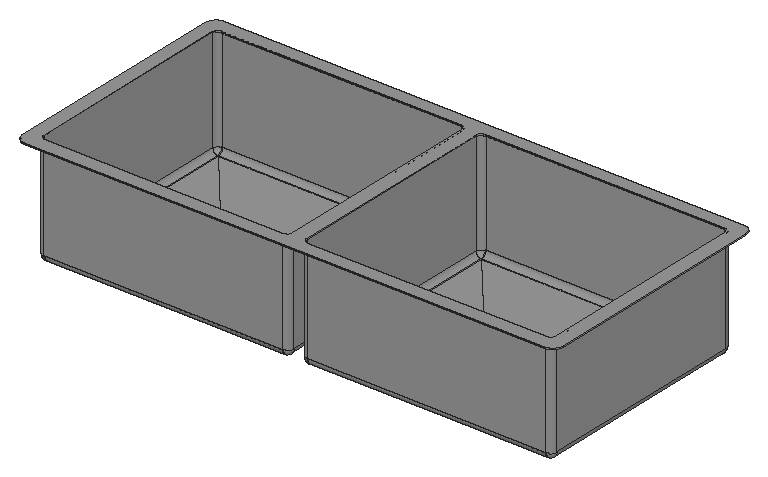
Revit family "BUILDMAT-SNA00016-Lucas-975-Stainless-Steel", category Plumbing Fixtures, host Face, Revit 2020
Family settings
  Host = Face
  Round Connector Dimension = Use Diameter
  Part Type = Normal
  Cut with Voids When Loaded = No
  Shared = No
  Room Calculation Point = No
Parameters (values of type "Lucas 975x450x250mm")
  Width 2 = 450.0 mm
  Width 1 = 450.0 mm
  Undermount [instance] = 20.0 mm
  URL = "https://www.buildmat.com.au/products/lucas-975x450-double-bowl-sink"
  Sound Pad 2 = yes
  Sound Pad 1 = yes
  Model = "SNA00016"  # constant formula
  Manufacturer URL = "https://www.buildmat.com.au/"
  Manufacturer = "BUILDMAT"  # constant formula
  Length = 400.0 mm
  Gap = 25.0 mm
  Drain Sound Pad 2 = yes
  Drain Sound Pad 1 = yes
  Description = "BUILDMAT - Lucas 975x450 Double Bowl Sink"  # constant formula
  Depth = 205.0 mm
  Default Elevation = 1200.0 mm
  D. S. Pad 2 = 230.0 mm
  D. S. Pad 1 = 230.0 mm
  D. Bracket 4 = 100.0 mm
  D. Bracket 3 = 100.0 mm
  D. Bracket 2 = 100.0 mm
  D. Bracket 1 = 100.0 mm
  Created By URL = "https://www.buildmat.com.au/"
  Created By = "BUILDMAT"  # constant formula
  Created = "22.06.2022"  # constant formula
  Bracket 4 = yes
  Bracket 3 = yes
  Bracket 2 = yes
  Bracket 1 = yes
  Material = BUILDMAT Stainless Steel
Reference planes
  plane 1 "Center (Front/Back)": y = 0
  plane 2: z = 0
  plane 3 "Center (Left/Right)": x = 0
  plane 4: x = -12.5
  plane 5: x = 12.5
  plane 6: x = -462.5
  plane 7: x = 462.5
  plane 8: y = -200
  plane 9: y = 200
  plane 10: x = -487.5
  plane 11: x = 487.5
  plane 12: y = -225
  plane 13: y = 225
  plane 14: x = 237.5
  plane 15: x = -237.5
  plane 16: y = 190
  plane 17: y = -190
  plane 18: x = -452.5
  plane 19: x = -22.5
  plane 20: x = 22.5
  plane 21: x = 452.5
  plane 22: y = 201.5
  plane 23: y = -201.5
  plane 24: x = -464
  plane 25: x = -11
  plane 26: x = 11
  plane 27: x = 464
  plane 28: x = -294.5
  plane 29: x = -180.5
  plane 30: x = -192.5
  plane 31: x = -282.5
  plane 32: x = 180.5
  plane 33: x = 192.5
  plane 34: x = 282.5
  plane 35: x = 294.5
  plane 36 "Sound Pad 1": x = -232.5
  plane 37 "Sound Pad 2": x = 232.5
  plane 38 "Top Substrate": z = -20
  plane 39: z = -18.5
  plane 40 "Bottom Void": z = -225
  plane 41: z = -215
  plane 42: z = -205
  plane 43: z = -220
  plane 44: z = -221.481
  plane 45: z = -216.5
  plane 46 "Sound Pad": z = -125
  plane 47 "Bracket 1": x = -362.5
  plane 48 "Bracket 2": x = -112.5
  plane 49 "Bracket 3": x = 112.5
  plane 50 "Bracket 4": x = 362.5
  plane 51: y = 100
  plane 52: y = -100
  plane 53: x = -337.5
  plane 54: x = -137.5
  plane 55: x = 137.5
  plane 56: x = 337.5
  plane 57: z = -185
  plane 58: z = -165
Forms (mm)
  Extrusion 1, void
    sketch origin (0, 0, 0) x (1, 0, 0) y (0, 1, 0)
      loop
        arc (-452.5, 200) -> (-459.571, 197.071) -> (-462.5, 190) r 10
        line (-462.5, 190) -> (-462.5, -190)
        arc (-462.5, -190) -> (-459.571, -197.071) -> (-452.5, -200) r 10
        line (-452.5, -200) -> (452.5, -200)
        arc (452.5, -200) -> (459.571, -197.071) -> (462.5, -190) r 10
        line (462.5, -190) -> (462.5, 190)
        arc (462.5, 190) -> (459.571, 197.071) -> (452.5, 200) r 10
        line (452.5, 200) -> (-452.5, 200)
    from 0 to -18.5
  Extrusion 2, void
    sketch origin (0, 0, 0) x (1, 0, 0) y (0, 1, 0)
      loop
        arc (-467.5, 225) -> (-481.642, 219.142) -> (-487.5, 205) r 20
        line (-487.5, 205) -> (-487.5, -205)
        arc (-487.5, -205) -> (-481.642, -219.142) -> (-467.5, -225) r 20
        line (-467.5, -225) -> (467.5, -225)
        arc (467.5, -225) -> (481.642, -219.142) -> (487.5, -205) r 20
        line (487.5, -205) -> (487.5, 205)
        arc (487.5, 205) -> (481.642, 219.142) -> (467.5, 225) r 20
        line (467.5, 225) -> (-467.5, 225)
    from -20 to -18.5
  Extrusion 3, void
    sketch origin (0, 0, 0) x (1, 0, 0) y (0, 1, 0)
      loop
        line (-464, 201.5) -> (-464, -201.5) -> (464, -201.5) -> (464, 201.5) -> (-464, 201.5)
    from -225 to -20
  Extrusion 4, solid, material "BUILDMAT Stainless Steel" <- "Material"
    sketch origin (0, 0, -20) x (-1, 0, 0) y (0, -1, 0)
      loop
        arc (467.5, -225) -> (481.642, -219.142) -> (487.5, -205) r 20
        line (487.5, -205) -> (487.5, 205)
        arc (487.5, 205) -> (481.642, 219.142) -> (467.5, 225) r 20
        line (467.5, 225) -> (-467.5, 225)
        arc (-467.5, 225) -> (-481.642, 219.142) -> (-487.5, 205) r 20
        line (-487.5, 205) -> (-487.5, -205)
        arc (-487.5, -205) -> (-481.642, -219.142) -> (-467.5, -225) r 20
        line (-467.5, -225) -> (467.5, -225)
      loop
        arc (452.5, -200) -> (459.571, -197.071) -> (462.5, -190) r 10
        line (462.5, -190) -> (462.5, 190)
        arc (462.5, 190) -> (459.571, 197.071) -> (452.5, 200) r 10
        line (452.5, 200) -> (22.5, 200)
        arc (22.5, 200) -> (15.429, 197.071) -> (12.5, 190) r 10
        line (12.5, 190) -> (12.5, -190)
        arc (12.5, -190) -> (15.429, -197.071) -> (22.5, -200) r 10
        line (22.5, -200) -> (452.5, -200)
      loop
        line (-12.5, -190) -> (-12.5, 190)
        arc (-12.5, 190) -> (-15.429, 197.071) -> (-22.5, 200) r 10
        line (-22.5, 200) -> (-452.5, 200)
        arc (-452.5, 200) -> (-459.571, 197.071) -> (-462.5, 190) r 10
        line (-462.5, 190) -> (-462.5, -190)
        arc (-462.5, -190) -> (-459.571, -197.071) -> (-452.5, -200) r 10
        line (-452.5, -200) -> (-22.5, -200)
        arc (-22.5, -200) -> (-15.429, -197.071) -> (-12.5, -190) r 10
    from 0 to 1.5
  Extrusion 5, solid, material "BUILDMAT Stainless Steel" <- "Material"
    sketch origin (0, 0, -20) x (-1, 0, 0) y (0, -1, 0)
      loop
        arc (452.5, -200) -> (459.571, -197.071) -> (462.5, -190) r 10
        line (462.5, -190) -> (462.5, 190)
        arc (462.5, 190) -> (459.571, 197.071) -> (452.5, 200) r 10
        line (452.5, 200) -> (22.5, 200)
        arc (22.5, 200) -> (15.429, 197.071) -> (12.5, 190) r 10
        line (12.5, 190) -> (12.5, -190)
        arc (12.5, -190) -> (15.429, -197.071) -> (22.5, -200) r 10
        line (22.5, -200) -> (452.5, -200)
      loop
        arc (452.5, -201.5) -> (460.632, -198.132) -> (464, -190) r 11.5
        line (464, -190) -> (464, 190)
        arc (464, 190) -> (460.632, 198.132) -> (452.5, 201.5) r 11.5
        line (452.5, 201.5) -> (22.5, 201.5)
        arc (22.5, 201.5) -> (14.368, 198.132) -> (11, 190) r 11.5
        line (11, 190) -> (11, -190)
        arc (11, -190) -> (14.368, -198.132) -> (22.5, -201.5) r 11.5
        line (22.5, -201.5) -> (452.5, -201.5)
    from 0 to -185
  Extrusion 6, solid, material "BUILDMAT Stainless Steel" <- "Material"
    sketch origin (0, 0, -20) x (-1, 0, 0) y (0, -1, 0)
      loop
        arc (-22.5, -200) -> (-15.429, -197.071) -> (-12.5, -190) r 10
        line (-12.5, -190) -> (-12.5, 190)
        arc (-12.5, 190) -> (-15.429, 197.071) -> (-22.5, 200) r 10
        line (-22.5, 200) -> (-452.5, 200)
        arc (-452.5, 200) -> (-459.571, 197.071) -> (-462.5, 190) r 10
        line (-462.5, 190) -> (-462.5, -190)
        arc (-462.5, -190) -> (-459.571, -197.071) -> (-452.5, -200) r 10
        line (-452.5, -200) -> (-22.5, -200)
      loop
        line (-11, -190) -> (-11, 190)
        arc (-11, 190) -> (-14.368, 198.132) -> (-22.5, 201.5) r 11.5
        line (-22.5, 201.5) -> (-452.5, 201.5)
        arc (-452.5, 201.5) -> (-460.632, 198.132) -> (-464, 190) r 11.5
        line (-464, 190) -> (-464, -190)
        arc (-464, -190) -> (-460.632, -198.132) -> (-452.5, -201.5) r 11.5
        line (-452.5, -201.5) -> (-22.5, -201.5)
        arc (-22.5, -201.5) -> (-14.368, -198.132) -> (-11, -190) r 11.5
    from 0 to -185
  Extrusion 7, solid, material "BUILDMAT Stainless Steel" <- "Material"
    sketch origin (0, 0, 0) x (1, 0, 0) y (0, 0, 1)
      loop
        line (-462.5, -205) -> (-464, -205)
        arc (-464, -205) -> (-460.632, -213.132) -> (-452.5, -216.5) r 11.5
        line (-452.5, -216.5) -> (-452.5, -215)
        arc (-452.5, -215) -> (-459.571, -212.071) -> (-462.5, -205) r 10
    from -190 to 190
  Extrusion 8, solid, material "BUILDMAT Stainless Steel" <- "Material"
    sketch origin (0, 0, 0) x (1, 0, 0) y (0, 0, 1)
      loop
        arc (-12.5, -205) -> (-15.429, -212.071) -> (-22.5, -215) r 10
        line (-22.5, -215) -> (-22.5, -216.5)
        arc (-22.5, -216.5) -> (-14.368, -213.132) -> (-11, -205) r 11.5
        line (-11, -205) -> (-12.5, -205)
    from -190 to 190
  Extrusion 9, solid, material "BUILDMAT Stainless Steel" <- "Material"
    sketch origin (0, 0, 0) x (1, 0, 0) y (0, 0, 1)
      loop
        line (12.5, -205) -> (11, -205)
        arc (11, -205) -> (14.368, -213.132) -> (22.5, -216.5) r 11.5
        line (22.5, -216.5) -> (22.5, -215)
        arc (22.5, -215) -> (15.429, -212.071) -> (12.5, -205) r 10
    from -190 to 190
  Extrusion 10, solid, material "BUILDMAT Stainless Steel" <- "Material"
    sketch origin (0, 0, 0) x (1, 0, 0) y (0, 0, 1)
      loop
        arc (462.5, -205) -> (459.571, -212.071) -> (452.5, -215) r 10
        line (452.5, -215) -> (452.5, -216.5)
        arc (452.5, -216.5) -> (460.632, -213.132) -> (464, -205) r 11.5
        line (464, -205) -> (462.5, -205)
    from -190 to 190
  Extrusion 11, solid, material "BUILDMAT Stainless Steel" <- "Material"
    sketch origin (0, 0, 0) x (0, 1, 0) y (0, 0, 1)
      loop
        line (201.5, -205) -> (200, -205)
        arc (200, -205) -> (197.071, -212.071) -> (190, -215) r 10
        line (190, -215) -> (190, -216.5)
        arc (190, -216.5) -> (198.132, -213.132) -> (201.5, -205) r 11.5
    from 22.5 to 452.5
  Extrusion 12, solid, material "BUILDMAT Stainless Steel" <- "Material"
    sketch origin (0, 0, 0) x (0, 1, 0) y (0, 0, 1)
      loop
        line (-200, -205) -> (-201.5, -205)
        arc (-201.5, -205) -> (-198.132, -213.132) -> (-190, -216.5) r 11.5
        line (-190, -216.5) -> (-190, -215)
        arc (-190, -215) -> (-197.071, -212.071) -> (-200, -205) r 10
    from 22.5 to 452.5
  Extrusion 13, solid, material "BUILDMAT Stainless Steel" <- "Material"
    sketch origin (0, 0, 0) x (0, 1, 0) y (0, 0, 1)
      loop
        arc (200, -205) -> (197.071, -212.071) -> (190, -215) r 10
        line (190, -215) -> (190, -216.5)
        arc (190, -216.5) -> (198.132, -213.132) -> (201.5, -205) r 11.5
        line (201.5, -205) -> (200, -205)
    from -452.5 to -22.5
  Extrusion 14, solid, material "BUILDMAT Stainless Steel" <- "Material"
    sketch origin (0, 0, 0) x (0, 1, 0) y (0, 0, 1)
      loop
        line (-200, -205) -> (-201.5, -205)
        arc (-201.5, -205) -> (-198.132, -213.132) -> (-190, -216.5) r 11.5
        line (-190, -216.5) -> (-190, -215)
        arc (-190, -215) -> (-197.071, -212.071) -> (-200, -205) r 10
    from -452.5 to -22.5
  Revolve 15, solid, material "BUILDMAT Stainless Steel" <- "Material"
    sketch origin (-423.435, 190, 4000) x (-1, 0, 0) y (0, 0, 1)
      loop
        arc (39.065, -4205) -> (36.136, -4212.071) -> (29.065, -4215) r 10
        line (29.065, -4215) -> (29.065, -4216.5)
        arc (29.065, -4216.5) -> (37.196, -4213.132) -> (40.565, -4205) r 11.5
        line (40.565, -4205) -> (39.065, -4205)
      axis (29.065, -4205) -> (29.065, -4216.5)
    angle from -90 to 0
  Revolve 16, solid, material "BUILDMAT Stainless Steel" <- "Material"
    sketch origin (-423.435, 190, 4000) x (-1, 0, 0) y (0, 0, 1)
      loop
        line (-410.935, -4205) -> (-412.435, -4205)
        arc (-412.435, -4205) -> (-409.067, -4213.132) -> (-400.935, -4216.5) r 11.5
        line (-400.935, -4216.5) -> (-400.935, -4215)
        arc (-400.935, -4215) -> (-408.006, -4212.071) -> (-410.935, -4205) r 10
      axis (-400.935, -4205) -> (-400.935, -4216.5)
    angle from -90 to 0
  Revolve 17, solid, material "BUILDMAT Stainless Steel" <- "Material"
    sketch origin (-423.435, 190, 4000) x (-1, 0, 0) y (0, 0, 1)
      loop
        arc (-435.935, -4205) -> (-438.864, -4212.071) -> (-445.935, -4215) r 10
        line (-445.935, -4215) -> (-445.935, -4216.5)
        arc (-445.935, -4216.5) -> (-437.804, -4213.132) -> (-434.435, -4205) r 11.5
        line (-434.435, -4205) -> (-435.935, -4205)
      axis (-445.935, -4205) -> (-445.935, -4216.5)
    angle from -90 to 0
  Revolve 18, solid, material "BUILDMAT Stainless Steel" <- "Material"
    sketch origin (-423.435, 190, 4000) x (-1, 0, 0) y (0, 0, 1)
      loop
        line (-885.935, -4205) -> (-887.435, -4205)
        arc (-887.435, -4205) -> (-884.067, -4213.132) -> (-875.935, -4216.5) r 11.5
        line (-875.935, -4216.5) -> (-875.935, -4215)
        arc (-875.935, -4215) -> (-883.006, -4212.071) -> (-885.935, -4205) r 10
      axis (-875.935, -4205) -> (-875.935, -4216.5)
    angle from -90 to 0
  Revolve 19, solid, material "BUILDMAT Stainless Steel" <- "Material"
    sketch origin (-423.435, -190, 4000) x (-1, 0, 0) y (0, 0, 1)
      loop
        arc (39.065, -4205) -> (36.136, -4212.071) -> (29.065, -4215) r 10
        line (29.065, -4215) -> (29.065, -4216.5)
        arc (29.065, -4216.5) -> (37.196, -4213.132) -> (40.565, -4205) r 11.5
        line (40.565, -4205) -> (39.065, -4205)
      axis (29.065, -4205) -> (29.065, -4216.5)
    angle from 0 to 90
  Revolve 20, solid, material "BUILDMAT Stainless Steel" <- "Material"
    sketch origin (-423.435, -190, 4000) x (-1, 0, 0) y (0, 0, 1)
      loop
        arc (-412.435, -4205) -> (-409.067, -4213.132) -> (-400.935, -4216.5) r 11.5
        line (-400.935, -4216.5) -> (-400.935, -4215)
        arc (-400.935, -4215) -> (-408.006, -4212.071) -> (-410.935, -4205) r 10
        line (-410.935, -4205) -> (-412.435, -4205)
      axis (-400.935, -4205) -> (-400.935, -4216.5)
    angle from 0 to 90
  Revolve 21, solid, material "BUILDMAT Stainless Steel" <- "Material"
    sketch origin (-423.435, -190, 4000) x (-1, 0, 0) y (0, 0, 1)
      loop
        line (-434.435, -4205) -> (-435.935, -4205)
        arc (-435.935, -4205) -> (-438.864, -4212.071) -> (-445.935, -4215) r 10
        line (-445.935, -4215) -> (-445.935, -4216.5)
        arc (-445.935, -4216.5) -> (-437.804, -4213.132) -> (-434.435, -4205) r 11.5
      axis (-445.935, -4205) -> (-445.935, -4216.5)
    angle from 0 to 90
  Revolve 22, solid, material "BUILDMAT Stainless Steel" <- "Material"
    sketch origin (-423.435, -190, 4000) x (-1, 0, 0) y (0, 0, 1)
      loop
        arc (-887.435, -4205) -> (-884.067, -4213.132) -> (-875.935, -4216.5) r 11.5
        line (-875.935, -4216.5) -> (-875.935, -4215)
        arc (-875.935, -4215) -> (-883.006, -4212.071) -> (-885.935, -4205) r 10
        line (-885.935, -4205) -> (-887.435, -4205)
      axis (-875.935, -4205) -> (-875.935, -4216.5)
    angle from 0 to 90
  Extrusion 23, solid, material "BUILDMAT Stainless Steel" <- "Material"
    sketch origin (0, 0, -20) x (-1, 0, 0) y (0, -1, 0)
      loop
        line (22.5, -190) -> (452.5, -190) -> (452.5, 190) -> (22.5, 190) -> (22.5, -190)
    from -196.5 to -195
  Extrusion 24, solid, material "BUILDMAT Stainless Steel" <- "Material"
    sketch origin (0, 0, -20) x (-1, 0, 0) y (0, -1, 0)
      loop
        line (-22.5, -190) -> (-22.5, 190) -> (-452.5, 190) -> (-452.5, -190) -> (-22.5, -190)
    from -196.5 to -195
  Blend 25, solid, material "BUILDMAT Stainless Steel" <- "Material"
    base sketch origin (0, 0, -20) x (-1, 0, 0) y (0, -1, 0)
      loop
        circle (237.5, 0) r 57
    top sketch origin (0, 0, -20) x (-1, 0, 0) y (0, -1, 0)
      loop
        line (452.5, -190) -> (452.5, 190) -> (22.5, 190) -> (22.5, -190) -> (452.5, -190)
    from -201.481 to -196.5
  Blend 26, solid, material "BUILDMAT Stainless Steel" <- "Material"
    base sketch origin (0, 0, -20) x (-1, 0, 0) y (0, -1, 0)
      loop
        circle (-237.5, 0) r 57
    top sketch origin (0, 0, -20) x (-1, 0, 0) y (0, -1, 0)
      loop
        line (-22.5, -190) -> (-22.5, 190) -> (-452.5, 190) -> (-452.5, -190) -> (-22.5, -190)
    from -201.481 to -196.5
  Blend 27, void
    base sketch origin (0, 0, -20) x (-1, 0, 0) y (0, -1, 0)
      loop
        circle (237.5, 0) r 57
    top sketch origin (0, 0, -20) x (-1, 0, 0) y (0, -1, 0)
      loop
        line (452.5, -190) -> (452.5, 190) -> (22.5, 190) -> (22.5, -190) -> (452.5, -190)
    from -200 to -195
  Blend 28, void
    base sketch origin (0, 0, -20) x (-1, 0, 0) y (0, -1, 0)
      loop
        circle (-237.5, 0) r 57
    top sketch origin (0, 0, -20) x (-1, 0, 0) y (0, -1, 0)
      loop
        line (-22.5, -190) -> (-22.5, 190) -> (-452.5, 190) -> (-452.5, -190) -> (-22.5, -190)
    from -200 to -195
  Extrusion 29, void
    sketch origin (0, 0, -225) x (-1, 0, 0) y (0, -1, 0)
      loop
        circle (237.5, 0) r 57
    from 0 to 5
  Extrusion 30, void
    sketch origin (0, 0, -225) x (-1, 0, 0) y (0, -1, 0)
      loop
        circle (-237.5, 0) r 57
    from 0 to 5
  Revolve 31, solid, material "BUILDMAT Stainless Steel" <- "Material"
    sketch origin (0, 0, 0) x (1, 0, 0) y (0, 0, 1)
      loop
        spline (-294.5, -220) -> (-294.397, -220.653) -> (-294.091, -221.294) -> (-293.587, -221.913) -> (-292.892, -222.5) -> (-292.02, -223.044) -> (-290.985, -223.536) -> (-289.805, -223.967) -> (-288.5, -224.33) -> (-287.092, -224.619) -> (-285.606, -224.83) -> (-284.066, -224.957) -> (-282.5, -225)
        line (-282.5, -225) -> (-282.5, -223.5)
        spline (-282.5, -223.5) -> (-283.871, -223.47) -> (-285.218, -223.381) -> (-286.518, -223.234) -> (-287.75, -223.031) -> (-288.892, -222.777) -> (-289.925, -222.475) -> (-290.83, -222.131) -> (-291.593, -221.75) -> (-292.201, -221.339) -> (-292.642, -220.906) -> (-292.91, -220.457) -> (-293, -220)
        line (-293, -220) -> (-294.5, -220)
      axis (-237.5, -225) -> (-237.5, -220)
    angle from 0 to 360
  Revolve 32, solid, material "BUILDMAT Stainless Steel" <- "Material"
    sketch origin (0, 0, 0) x (1, 0, 0) y (0, 0, 1)
      loop
        line (294.5, -220) -> (293, -220)
        spline (293, -220) -> (292.91, -220.457) -> (292.642, -220.906) -> (292.201, -221.339) -> (291.593, -221.75) -> (290.83, -222.131) -> (289.925, -222.475) -> (288.892, -222.777) -> (287.75, -223.031) -> (286.518, -223.234) -> (285.218, -223.381) -> (283.871, -223.47) -> (282.5, -223.5)
        line (282.5, -223.5) -> (282.5, -225)
        spline (282.5, -225) -> (284.066, -224.957) -> (285.606, -224.83) -> (287.092, -224.619) -> (288.5, -224.33) -> (289.805, -223.967) -> (290.985, -223.536) -> (292.02, -223.044) -> (292.892, -222.5) -> (293.587, -221.913) -> (294.091, -221.294) -> (294.397, -220.653) -> (294.5, -220)
      axis (237.5, -220) -> (237.5, -225)
    angle from 0 to 360
Cuts and joins
  Blend 27, Extrusion 29 cuts Extrusion 23
  Blend 27, Extrusion 29 cuts Blend 25
  joined: Extrusion 23, Blend 25
  Blend 28, Extrusion 30 cuts Extrusion 24
  Blend 28, Extrusion 30 cuts Blend 26
  joined: Extrusion 24, Blend 26
Lines and regions (mm)
  Masking region 1
    outline origin (0, 0, 0) x (1, 0, 0) y (0, 0, 1)
      loop
        line (-462.5, -20) -> (-462.5, -205)
        arc (-462.5, -205) -> (-459.791, -211.844) -> (-453.132, -214.98) r 10
        line (-453.132, -214.98) -> (-294.5, -220) -> (-180.5, -220) -> (-22.5, -215)
        arc (-22.5, -215) -> (-15.429, -212.071) -> (-12.5, -205) r 10
        line (-12.5, -205) -> (-12.5, -20) -> (-462.5, -20)
  Masking region 2
    outline origin (0, 0, 0) x (1, 0, 0) y (0, 0, 1)
      loop
        line (12.5, -20) -> (12.5, -205)
        arc (12.5, -205) -> (15.209, -211.844) -> (21.868, -214.98) r 10
        line (21.868, -214.98) -> (180.5, -220) -> (294.5, -220) -> (452.5, -215)
        arc (452.5, -215) -> (459.571, -212.071) -> (462.5, -205) r 10
        line (462.5, -205) -> (462.5, -20) -> (12.5, -20)
  Masking region 3, visible <- "Drain Sound Pad 1"
    outline origin (0, 0, 0) x (1, 0, 0) y (0, 0, 1)
      loop
        line (-294.5, -221.481) -> (-337.5, -220.126) -> (-337.5, -225) -> (-294.5, -225) -> (-294.5, -221.481)
  Masking region 4, visible <- "Drain Sound Pad 1"
    outline origin (0, 0, 0) x (1, 0, 0) y (0, 0, 1)
      loop
        line (-180.5, -221.481) -> (-180.5, -225) -> (-137.5, -225) -> (-137.5, -220.126) -> (-180.5, -221.481)
  Masking region 5, visible <- "Drain Sound Pad 2"
    outline origin (0, 0, 0) x (1, 0, 0) y (0, 0, 1)
      loop
        line (137.5, -220.126) -> (137.5, -225) -> (180.5, -225) -> (180.5, -221.481) -> (137.5, -220.126)
  Masking region 6, visible <- "Drain Sound Pad 2"
    outline origin (0, 0, 0) x (1, 0, 0) y (0, 0, 1)
      loop
        line (337.5, -220.126) -> (294.5, -221.481) -> (294.5, -225) -> (337.5, -225) -> (337.5, -220.126)
  Masking region 7
    outline origin (0, 0, 0) x (1, 0, 0) y (0, 0, 1)
      loop
        line (-11, -165) -> (-11, -185) -> (11, -185) -> (11, -165) -> (-11, -165)
Text (mm)
  text "Refer to www.buildmat.com.au for the most current product literature. \nAllow a +/- 5mm tolerance for dimensions shown in the product literature. \nPlease note product details are subject to change due to ongoing product development." at (0.056, -1035.857, 0), in view "Ref. Level"
Dimensions and locks
  equal spacing: plane 4, plane 3 "Center (Left/Right)", plane 5
  "Gap": plane 4 to plane 5
  "Width 1": plane 6 to plane 4
  "Width 2": plane 5 to plane 7
  equal spacing: plane 9, plane 1 "Center (Front/Back)", plane 8
  "Length": plane 8 to plane 9
  locked: plane 10 to plane 6 at 25
  locked: plane 7 to plane 11 at 25
  locked: plane 13 to plane 9 at 25
  locked: plane 8 to plane 12 at 25
  equal spacing: plane 5, plane 14, plane 7
  equal spacing: plane 6, plane 15, plane 4
  locked: plane 9 to plane 16 at 10
  locked: plane 17 to plane 8 at 10
  locked: plane 6 to plane 18 at 10
  locked: plane 19 to plane 4 at 10
  locked: plane 5 to plane 20 at 10
  locked: plane 21 to plane 7 at 10
  locked: plane 8 to plane 23 at 1.5
  locked: plane 22 to plane 9 at 1.5
  locked: plane 24 to plane 6 at 1.5
  locked: plane 4 to plane 25 at 1.5
  locked: plane 26 to plane 5 at 1.5
  locked: plane 7 to plane 27 at 1.5
  plane 28 to plane 15 to plane 29 = 57.0 mm locked, 57.0 mm locked
  plane 31 to plane 15 to plane 30 = 45.0 mm locked, 45.0 mm locked
  plane 32 to plane 14 to plane 35 = 57.0 mm locked, 57.0 mm locked
  plane 33 to plane 14 to plane 34 = 45.0 mm locked, 45.0 mm locked
  locked: plane 39 to plane 38 "Top Substrate" at 1.5
  plane 42 to plane 41 to plane 40 "Bottom Void" = 10.0 mm locked, 10.0 mm locked
  locked: plane 43 to plane 40 "Bottom Void" at 5
  locked: plane 43 to plane 44 at 1.481
  locked: plane 41 to plane 45 at 1.5
  locked: plane 46 "Sound Pad" to plane 40 "Bottom Void" at 100
  "Depth": plane 38 "Top Substrate" to plane 40 "Bottom Void"
  "Undermount": plane 2 to plane 38 "Top Substrate"
  "D. S. Pad 1": plane 36 "Sound Pad 1" to plane 6
  "D. S. Pad 2": plane 7 to plane 37 "Sound Pad 2"
  "D. Bracket 1": plane 47 "Bracket 1" to plane 6
  "D. Bracket 2": plane 4 to plane 48 "Bracket 2"
  "D. Bracket 3": plane 49 "Bracket 3" to plane 5
  "D. Bracket 4": plane 7 to plane 50 "Bracket 4"
  locked: plane 9 to plane 51 at 100
  locked: plane 52 to plane 8 at 100
  plane 54 to plane 15 to plane 53 = 100.0 mm locked, 100.0 mm locked
  plane 56 to plane 14 to plane 55 = 100.0 mm locked, 100.0 mm locked
  plane 58 to plane 57 to plane 42 = 20.0 mm locked, 20.0 mm locked
  aligned and locked: plane 2 to host face
  aligned and locked: level to host face
  aligned and locked: Extrusion 1 sketch curve to plane 9
  aligned and locked: Extrusion 1 sketch curve to plane 6
  aligned and locked: Extrusion 1 sketch curve to plane 7
  aligned and locked: Extrusion 1 sketch curve to plane 8
  aligned and locked: Extrusion 1 to level
  aligned and locked: Extrusion 1 to plane 39
  aligned and locked: Extrusion 2 sketch curve to plane 13
  aligned and locked: Extrusion 2 sketch curve to plane 10
  aligned and locked: Extrusion 2 sketch curve to plane 11
  aligned and locked: Extrusion 2 sketch curve to plane 12
  aligned and locked: Extrusion 2 to plane 38 "Top Substrate"
  aligned and locked: Extrusion 2 to plane 39
  aligned and locked: Extrusion 3 sketch curve to plane 22
  aligned and locked: Extrusion 3 sketch curve to plane 24
  aligned and locked: Extrusion 3 sketch curve to plane 27
  aligned and locked: Extrusion 3 sketch curve to plane 23
  aligned and locked: Extrusion 3 to plane 40 "Bottom Void"
  aligned and locked: Extrusion 3 to plane 38 "Top Substrate"
  aligned and locked: Extrusion 4 sketch curve to plane 13
  aligned and locked: Extrusion 4 sketch curve to plane 10
  aligned and locked: Extrusion 4 sketch curve to plane 11
  aligned and locked: Extrusion 4 sketch curve to plane 12
  aligned and locked: Extrusion 4 sketch curve to plane 9  (x2)
  aligned and locked: Extrusion 4 sketch curve to plane 6
  aligned and locked: Extrusion 4 sketch curve to plane 8  (x2)
  aligned and locked: Extrusion 4 sketch curve to plane 4
  aligned and locked: Extrusion 4 sketch curve to plane 5
  aligned and locked: Extrusion 4 sketch curve to plane 7
  aligned and locked: Extrusion 4 to plane 38 "Top Substrate"
  aligned and locked: Extrusion 4 to plane 39
  aligned and locked: Extrusion 5 sketch curve to plane 9
  aligned and locked: Extrusion 5 sketch curve to plane 22
  aligned and locked: Extrusion 5 sketch curve to plane 6
  aligned and locked: Extrusion 5 sketch curve to plane 24
  aligned and locked: Extrusion 5 sketch curve to plane 25
  aligned and locked: Extrusion 5 sketch curve to plane 4
  aligned and locked: Extrusion 5 sketch curve to plane 23
  aligned and locked: Extrusion 5 sketch curve to plane 8
  aligned and locked: Extrusion 5 to plane 42
  aligned and locked: plane 38 "Top Substrate" to Extrusion 5
  aligned and locked: Extrusion 6 sketch curve to plane 9
  aligned and locked: Extrusion 6 sketch curve to plane 7
  aligned and locked: Extrusion 6 sketch curve to plane 8
  aligned and locked: Extrusion 6 sketch curve to plane 5
  aligned and locked: Extrusion 6 sketch curve to plane 26
  aligned and locked: Extrusion 6 sketch curve to plane 27
  aligned and locked: Extrusion 6 sketch curve to plane 22
  aligned and locked: Extrusion 6 sketch curve to plane 23
  aligned and locked: Extrusion 6 to plane 42
  aligned and locked: Extrusion 6 to plane 38 "Top Substrate"
  aligned and locked: Extrusion 7 sketch curve to plane 42
  aligned and locked: Extrusion 7 sketch curve to plane 18
  aligned and locked: Extrusion 8 sketch curve to plane 42
  aligned and locked: Extrusion 8 sketch curve to plane 19
  aligned and locked: Extrusion 9 sketch curve to plane 42
  aligned and locked: Extrusion 9 sketch curve to plane 20
  aligned and locked: Extrusion 10 sketch curve to plane 21
  aligned and locked: plane 42 to Extrusion 10 sketch curve
  aligned and locked: plane 16 to Extrusion 10
  aligned and locked: plane 16 to Extrusion 9
  aligned and locked: plane 16 to Extrusion 8
  aligned and locked: plane 16 to Extrusion 7
  aligned and locked: Extrusion 10 to plane 17
  aligned and locked: Extrusion 9 to plane 17
  aligned and locked: Extrusion 8 to plane 17
  aligned and locked: Extrusion 7 to plane 17
  aligned and locked: plane 42 to Extrusion 11 sketch curve
  aligned and locked: plane 16 to Extrusion 11 sketch curve
  aligned and locked: plane 17 to Extrusion 12 sketch curve
  aligned and locked: plane 42 to Extrusion 12 sketch curve
  aligned and locked: plane 21 to Extrusion 11
  aligned and locked: plane 21 to Extrusion 12
  aligned and locked: Extrusion 11 to plane 20
  aligned and locked: Extrusion 12 to plane 20
  aligned and locked: plane 16 to Extrusion 13 sketch curve
  aligned and locked: plane 42 to Extrusion 13 sketch curve
  aligned and locked: plane 17 to Extrusion 14 sketch curve
  aligned and locked: plane 42 to Extrusion 14 sketch curve
  aligned and locked: Extrusion 14 to plane 18
  aligned and locked: plane 19 to Extrusion 14
  aligned and locked: Extrusion 13 to plane 18
  aligned and locked: plane 19 to Extrusion 13
  aligned and locked: Revolve 15 sketch curve to plane 18
  aligned and locked: Revolve 15 sketch curve to plane 42
  aligned and locked: plane 18 to Revolve 15 sketch curve
  aligned and locked: plane 18 to Revolve 15
  aligned and locked: plane 16 to Revolve 15
  aligned and locked: Revolve 16 sketch curve to plane 19
  aligned and locked: plane 19 to Revolve 16 sketch curve
  aligned and locked: plane 42 to Revolve 16 sketch curve
  aligned and locked: Revolve 16 to plane 19
  aligned and locked: plane 16 to Revolve 16
  aligned and locked: Revolve 17 sketch curve to plane 20
  aligned and locked: plane 42 to Revolve 17 sketch curve
  aligned and locked: plane 20 to Revolve 17 sketch curve
  aligned and locked: plane 20 to Revolve 17
  aligned and locked: plane 16 to Revolve 17
  aligned and locked: Revolve 18 sketch curve to plane 21
  aligned and locked: plane 21 to Revolve 18 sketch curve
  aligned and locked: plane 42 to Revolve 18 sketch curve
  aligned and locked: Revolve 18 to plane 21
  aligned and locked: Revolve 18 to plane 16
  aligned and locked: Revolve 19 sketch curve to plane 18
  aligned and locked: Revolve 19 sketch curve to plane 42
  aligned and locked: plane 18 to Revolve 19 sketch curve
  aligned and locked: Revolve 19 to plane 18
  aligned and locked: plane 17 to Revolve 19
  aligned and locked: Revolve 20 sketch curve to plane 19
  aligned and locked: plane 42 to Revolve 20 sketch curve
  aligned and locked: plane 19 to Revolve 20 sketch curve
  aligned and locked: plane 19 to Revolve 20
  aligned and locked: plane 17 to Revolve 20
  aligned and locked: Revolve 21 sketch curve to plane 20
  aligned and locked: plane 42 to Revolve 21 sketch curve
  aligned and locked: plane 20 to Revolve 21 sketch curve
  aligned and locked: Revolve 21 to plane 20
  aligned and locked: plane 17 to Revolve 21
  aligned and locked: Revolve 22 sketch curve to plane 21
  aligned and locked: plane 42 to Revolve 22 sketch curve
  aligned and locked: plane 21 to Revolve 22 sketch curve
  aligned and locked: Revolve 22 to plane 17
  aligned and locked: plane 21 to Revolve 22
  aligned and locked: Extrusion 23 sketch curve to plane 19
  aligned and locked: Extrusion 23 sketch curve to plane 18
  aligned and locked: Extrusion 23 sketch curve to plane 16
  aligned and locked: Extrusion 23 sketch curve to plane 17
  aligned and locked: Extrusion 23 to plane 45
  aligned and locked: plane 41 to Extrusion 23
  aligned and locked: Extrusion 24 sketch curve to plane 16
  aligned and locked: Extrusion 24 sketch curve to plane 17
  aligned and locked: Extrusion 24 sketch curve to plane 21
  aligned and locked: Extrusion 24 sketch curve to plane 20
  aligned and locked: Extrusion 24 to plane 45
  aligned and locked: Extrusion 24 to plane 41
  aligned and locked: plane 44 to Blend 25
  aligned and locked: plane 45 to Blend 25
  aligned and locked: plane 44 to Blend 26
  aligned and locked: Blend 26 to plane 45
  aligned and locked: Blend 25 sketch curve to plane 16
  aligned and locked: Blend 25 sketch curve to plane 17
  aligned and locked: Blend 25 sketch curve to plane 18
  aligned and locked: Blend 25 sketch curve to plane 19
  aligned and locked: Blend 26 sketch curve to plane 16
  aligned and locked: Blend 26 sketch curve to plane 17
  aligned and locked: Blend 26 sketch curve to plane 21
  aligned and locked: Blend 26 sketch curve to plane 20
  aligned and locked: Blend 27 sketch curve to plane 16
  aligned and locked: Blend 27 sketch curve to plane 17
  aligned and locked: Blend 27 sketch curve to plane 18
  aligned and locked: Blend 27 sketch curve to plane 19
  aligned and locked: Blend 27 to plane 43
  aligned and locked: plane 41 to Blend 27
  aligned and locked: Blend 28 sketch curve to plane 16
  aligned and locked: Blend 28 sketch curve to plane 17
  aligned and locked: Blend 28 sketch curve to plane 21
  aligned and locked: Blend 28 sketch curve to plane 20
  aligned and locked: Blend 28 to plane 43
  aligned and locked: Blend 28 to plane 41
  aligned and locked: Extrusion 29 to plane 40 "Bottom Void"
  aligned and locked: plane 43 to Extrusion 29
  aligned and locked: Extrusion 30 to plane 40 "Bottom Void"
  aligned and locked: Extrusion 30 to plane 43
  aligned and locked: plane 15 to Revolve 31 sketch curve
  aligned and locked: Revolve 31 sketch curve to plane 43
  aligned and locked: plane 31 to Revolve 31 sketch curve
  aligned and locked: Revolve 32 sketch curve to plane 14
  aligned and locked: plane 34 to Revolve 32 sketch curve
  aligned and locked: Revolve 32 sketch curve to plane 43
  aligned and locked: plane 18 to nested 1
  aligned and locked: plane 19 to nested 1
  aligned and locked: plane 17 to nested 1
  aligned and locked: plane 16 to nested 1
  aligned and locked: plane 20 to nested 2
  aligned and locked: plane 21 to nested 2
  aligned and locked: nested 2 to plane 17
  aligned and locked: nested 2 to plane 16
  aligned and locked: plane 14 to nested 4
  aligned and locked: plane 15 to nested 3
  aligned and locked: plane 1 "Center (Front/Back)" to nested 3
  aligned and locked: plane 1 "Center (Front/Back)" to nested 4
  aligned and locked: plane 51 to nested 5
  aligned and locked: plane 24 to nested 5
  aligned and locked: plane 52 to nested 6
  aligned and locked: plane 24 to nested 6
  aligned and locked: plane 51 to nested 7
  aligned and locked: plane 52 to nested 8
  aligned and locked: nested 8 to plane 27
  aligned and locked: nested 7 to plane 27
  aligned and locked: nested 13 to plane 47 "Bracket 1"
  aligned and locked: nested 14 to plane 48 "Bracket 2"
  aligned and locked: plane 23 to nested 13
  aligned and locked: plane 23 to nested 14
  aligned and locked: nested 15 to plane 49 "Bracket 3"
  aligned and locked: plane 23 to nested 15
  aligned and locked: nested 16 to plane 50 "Bracket 4"
  aligned and locked: nested 16 to plane 23
  aligned and locked: plane 47 "Bracket 1" to nested 9
  aligned and locked: nested 9 to plane 22
  aligned and locked: plane 48 "Bracket 2" to nested 10
  aligned and locked: nested 10 to plane 22
  aligned and locked: plane 49 "Bracket 3" to nested 11
  aligned and locked: plane 50 "Bracket 4" to nested 12
  aligned and locked: plane 22 to nested 12
  aligned and locked: nested 11 to plane 22
  aligned and locked: Masking region 1 sketch curve to plane 38 "Top Substrate"
  aligned and locked: Masking region 1 sketch curve to plane 6
  aligned and locked: Masking region 1 sketch curve to plane 4
  aligned and locked: Masking region 1 sketch curve to Extrusion 7
  aligned and locked: Masking region 1 sketch curve to Extrusion 8
  aligned and locked: Masking region 1 sketch curve to plane 43
  aligned and locked: Masking region 1 sketch curve to cut or joined group of Extrusion 23, Blend 25, Blend 27, Extrusion 29  (x2)
  aligned and locked: Masking region 2 sketch curve to plane 38 "Top Substrate"
  aligned and locked: Masking region 2 sketch curve to plane 43
  aligned and locked: Masking region 2 sketch curve to plane 7
  aligned and locked: Masking region 2 sketch curve to plane 5
  aligned and locked: Masking region 2 sketch curve to Extrusion 9
  aligned and locked: Masking region 2 sketch curve to cut or joined group of Extrusion 24, Blend 26, Blend 28, Extrusion 30  (x2)
  aligned and locked: Masking region 2 sketch curve to Extrusion 10
  aligned and locked: nested 17 to plane 38 "Top Substrate"
  aligned and locked: plane 47 "Bracket 1" to nested 17
  aligned and locked: nested 18 to plane 38 "Top Substrate"
  aligned and locked: plane 48 "Bracket 2" to nested 18
  aligned and locked: nested 20 to plane 38 "Top Substrate"
  aligned and locked: plane 50 "Bracket 4" to nested 20
  aligned and locked: nested 19 to plane 38 "Top Substrate"
  aligned and locked: plane 49 "Bracket 3" to nested 19
  aligned and locked: nested 21 to plane 46 "Sound Pad"
  aligned and locked: plane 36 "Sound Pad 1" to nested 21
  aligned and locked: plane 46 "Sound Pad" to nested 22
  aligned and locked: plane 37 "Sound Pad 2" to nested 22
  aligned and locked: Masking region 3 sketch curve to plane 28
  aligned and locked: cut or joined group of Extrusion 23, Blend 25, Blend 27, Extrusion 29 to Masking region 3 sketch curve
  aligned and locked: Masking region 3 sketch curve to plane 40 "Bottom Void"
  aligned and locked: Masking region 3 sketch curve to plane 53
  aligned and locked: Masking region 4 sketch curve to plane 29
  aligned and locked: Masking region 4 sketch curve to plane 54
  aligned and locked: Masking region 4 sketch curve to plane 40 "Bottom Void"
  aligned and locked: Masking region 4 sketch curve to cut or joined group of Extrusion 23, Blend 25, Blend 27, Extrusion 29
  aligned and locked: cut or joined group of Extrusion 24, Blend 26, Blend 28, Extrusion 30 to Masking region 5 sketch curve
  aligned and locked: Masking region 5 sketch curve to plane 55
  aligned and locked: Masking region 5 sketch curve to plane 32
  aligned and locked: Masking region 5 sketch curve to plane 40 "Bottom Void"
  aligned and locked: Masking region 6 sketch curve to plane 56
  aligned and locked: Masking region 6 sketch curve to plane 35
  aligned and locked: Masking region 6 sketch curve to cut or joined group of Extrusion 24, Blend 26, Blend 28, Extrusion 30
  aligned and locked: Masking region 6 sketch curve to plane 40 "Bottom Void"
  aligned and locked: Masking region 7 sketch curve to plane 58
  aligned and locked: Masking region 7 sketch curve to plane 57
  aligned and locked: Masking region 7 sketch curve to plane 25
  aligned and locked: Masking region 7 sketch curve to plane 26
Automatic sketch dimensions
  host sketch curve to host sketch curve = 2438.4 mm  (x2)
  Extrusion 1 sketch curve to plane 17 = 0.0 mm
  Extrusion 1 sketch curve to plane 18 = 0.0 mm
  Extrusion 1 sketch curve to plane 21 = 0.0 mm
  Extrusion 1 sketch curve to plane 16 = 0.0 mm
  Extrusion 2 sketch curve to plane 24 = 3.5 mm
  Extrusion 2 sketch curve to plane 23 = 3.5 mm
  plane 22 to Extrusion 2 sketch curve = 3.5 mm
  plane 27 to Extrusion 2 sketch curve = 3.5 mm
  Extrusion 4 sketch curve to plane 21 = 0.0 mm
  Extrusion 4 sketch curve to plane 16 = 0.0 mm  (x2)
  Extrusion 4 sketch curve to plane 20 = 0.0 mm
  Extrusion 4 sketch curve to plane 19 = 0.0 mm  (x2)
  Extrusion 4 sketch curve to plane 18 = 0.0 mm  (x2)
  plane 27 to Extrusion 4 sketch curve = 3.5 mm  (x2)
  Extrusion 4 sketch curve to plane 24 = 3.5 mm
  plane 22 to Extrusion 4 sketch curve = 3.5 mm
  Extrusion 5 sketch curve to plane 19 = 0.0 mm
  Extrusion 5 sketch curve to plane 18 = 0.0 mm  (x2)
  Extrusion 5 sketch curve to plane 17 = 0.0 mm
  Extrusion 5 sketch curve to Extrusion 5 sketch curve = 0.0 mm  (x4)
  Extrusion 6 sketch curve to plane 21 = 0.0 mm
  Extrusion 6 sketch curve to plane 20 = 0.0 mm  (x2)
  Extrusion 6 sketch curve to plane 16 = 0.0 mm
  Extrusion 6 sketch curve to Extrusion 6 sketch curve = 0.0 mm  (x4)
  Extrusion 7 sketch curve to plane 6 = 0.0 mm
  Extrusion 7 sketch curve to plane 45 = 0.0 mm
  Extrusion 8 sketch curve to plane 4 = 0.0 mm
  Extrusion 8 sketch curve to plane 45 = 0.0 mm
  Extrusion 9 sketch curve to plane 5 = 0.0 mm
  Extrusion 9 sketch curve to plane 45 = 0.0 mm
  Extrusion 10 sketch curve to plane 7 = 0.0 mm
  Extrusion 10 sketch curve to plane 45 = 0.0 mm
  Extrusion 11 sketch curve to plane 9 = 0.0 mm
  Extrusion 11 sketch curve to plane 45 = 0.0 mm
  Extrusion 12 sketch curve to plane 8 = 0.0 mm
  Extrusion 12 sketch curve to plane 45 = 0.0 mm
  Extrusion 13 sketch curve to plane 9 = 0.0 mm
  Extrusion 13 sketch curve to plane 45 = 0.0 mm
  Extrusion 14 sketch curve to plane 8 = 0.0 mm
  Extrusion 14 sketch curve to plane 45 = 0.0 mm
  Revolve 15 sketch curve to plane 6 = 0.0 mm
  Revolve 15 sketch curve to plane 45 = 0.0 mm  (x2)
  Revolve 15 sketch curve to plane 42 = 0.0 mm
  Revolve 16 sketch curve to plane 4 = 0.0 mm
  Revolve 16 sketch curve to plane 45 = 0.0 mm  (x2)
  Revolve 16 sketch curve to plane 42 = 0.0 mm
  Revolve 17 sketch curve to plane 5 = 0.0 mm
  Revolve 17 sketch curve to plane 45 = 0.0 mm  (x2)
  Revolve 17 sketch curve to plane 42 = 0.0 mm
  Revolve 18 sketch curve to plane 7 = 0.0 mm
  Revolve 18 sketch curve to plane 45 = 0.0 mm  (x2)
  Revolve 18 sketch curve to plane 42 = 0.0 mm
  Revolve 19 sketch curve to plane 6 = 0.0 mm
  Revolve 19 sketch curve to plane 45 = 0.0 mm  (x2)
  Revolve 19 sketch curve to plane 42 = 0.0 mm
  Revolve 20 sketch curve to plane 4 = 0.0 mm
  Revolve 20 sketch curve to plane 45 = 0.0 mm  (x2)
  Revolve 20 sketch curve to plane 42 = 0.0 mm
  Revolve 21 sketch curve to plane 5 = 0.0 mm
  Revolve 21 sketch curve to plane 45 = 0.0 mm  (x2)
  Revolve 21 sketch curve to plane 42 = 0.0 mm
  Revolve 22 sketch curve to plane 7 = 0.0 mm
  Revolve 22 sketch curve to plane 45 = 0.0 mm  (x2)
  Revolve 22 sketch curve to plane 42 = 0.0 mm
  plane 1 "Center (Front/Back)" to Blend 25 sketch curve = 0.0 mm
  Blend 25 sketch curve to plane 15 = 0.0 mm
  plane 1 "Center (Front/Back)" to Blend 26 sketch curve = 0.0 mm
  Blend 26 sketch curve to plane 14 = 0.0 mm
  plane 1 "Center (Front/Back)" to Blend 27 sketch curve = 0.0 mm
  Blend 27 sketch curve to plane 15 = 0.0 mm
  plane 1 "Center (Front/Back)" to Blend 28 sketch curve = 0.0 mm
  Blend 28 sketch curve to plane 14 = 0.0 mm
  plane 1 "Center (Front/Back)" to Extrusion 29 sketch curve = 0.0 mm
  Extrusion 29 sketch curve to plane 15 = 0.0 mm
  plane 1 "Center (Front/Back)" to Extrusion 30 sketch curve = 0.0 mm
  Extrusion 30 sketch curve to plane 14 = 0.0 mm
  Revolve 31 sketch curve to plane 28 = 0.0 mm
  Revolve 31 sketch curve to plane 40 "Bottom Void" = 0.0 mm
  Revolve 31 sketch curve to plane 42 = 0.0 mm
  plane 28 to Revolve 31 sketch curve = 1.5 mm
  Revolve 31 sketch curve to Revolve 31 sketch curve = 1.5 mm
  plane 40 "Bottom Void" to Revolve 31 sketch curve = 0.0 mm
  Revolve 32 sketch curve to plane 35 = 0.0 mm
  Revolve 32 sketch curve to plane 40 "Bottom Void" = 0.0 mm
  Revolve 32 sketch curve to plane 42 = 0.0 mm
  Revolve 32 sketch curve to Revolve 32 sketch curve = 1.5 mm  (x2)
  plane 40 "Bottom Void" to Revolve 32 sketch curve = 0.0 mm
  radius of Blend 25 sketch curve = 57.0 mm
  radius of Blend 26 sketch curve = 57.0 mm
  radius of Blend 27 sketch curve = 57.0 mm
  radius of Blend 28 sketch curve = 57.0 mm
  radius of Extrusion 29 sketch curve = 57.0 mm
  radius of Extrusion 30 sketch curve = 57.0 mm
Nested families
  nested 1: "BOWL Plan" at (-237.5, 0, -125), type "BOWL Plan"
    with Width 430.0 mm, Lenght 380.0 mm
  nested 2: "BOWL Plan" at (237.5, 0, -125), type "BOWL Plan"
    with Width 430.0 mm, Lenght 380.0 mm
  nested 3: "DRAIN" at (-237.5, 0, -20), type "DRAIN"
  nested 4: "DRAIN" at (237.5, 0, -20), type "DRAIN"
  nested 5: "TMB_Plan" at (-464, 100, -225) x (0, 1, 0) z (0, 0, 1), type "TMB_Plan"
  nested 6: "TMB_Plan" at (-464, -100, -225) x (0, 1, 0) z (0, 0, 1), type "TMB_Plan"
  nested 7: "TMB_Plan" at (464, 100, -225) x (0, -1, 0) z (0, 0, 1), type "TMB_Plan"
  nested 8: "TMB_Plan" at (464, -100, -225) x (0, -1, 0) z (0, 0, 1), type "TMB_Plan"
  nested 9: "TMB_Plan" at (-362.5, 201.5, -225), visible <- "Bracket 1", type "TMB_Plan"
  nested 10: "TMB_Plan" at (-112.5, 201.5, -225), visible <- "Bracket 2", type "TMB_Plan"
  nested 11: "TMB_Plan" at (112.5, 201.5, -225), visible <- "Bracket 3", type "TMB_Plan"
  nested 12: "TMB_Plan" at (362.5, 201.5, -225), visible <- "Bracket 4", type "TMB_Plan"
  nested 13: "TMB_Plan" at (-362.5, -201.5, -225) x (-1, 0, 0) z (0, 0, 1), visible <- "Bracket 1", type "TMB_Plan"
  nested 14: "TMB_Plan" at (-112.5, -201.5, -225) x (-1, 0, 0) z (0, 0, 1), visible <- "Bracket 2", type "TMB_Plan"
  nested 15: "TMB_Plan" at (112.5, -201.5, -225) x (-1, 0, 0) z (0, 0, 1), visible <- "Bracket 3", type "TMB_Plan"
  nested 16: "TMB_Plan" at (362.5, -201.5, -225) x (-1, 0, 0) z (0, 0, 1), visible <- "Bracket 4", type "TMB_Plan"
  nested 17: "TMB_Front" at (-362.5, 0, -20) x (1, 0, 0) z (0, -1, 0), visible <- "Bracket 1", type "TMB_Front"
  nested 18: "TMB_Front" at (-112.5, 0, -20) x (1, 0, 0) z (0, -1, 0), visible <- "Bracket 2", type "TMB_Front"
  nested 19: "TMB_Front" at (112.5, 0, -20) x (1, 0, 0) z (0, -1, 0), visible <- "Bracket 3", type "TMB_Front"
  nested 20: "TMB_Front" at (362.5, 0, -20) x (1, 0, 0) z (0, -1, 0), visible <- "Bracket 4", type "TMB_Front"
  nested 21: "SP_Front" at (-232.5, 0, -125) x (1, 0, 0) z (0, -1, 0), visible <- "Sound Pad 1", type "SP_Front"
  nested 22: "SP_Front" at (232.5, 0, -125) x (1, 0, 0) z (0, -1, 0), visible <- "Sound Pad 2", type "SP_Front"
Definition of nested family "BOWL Plan"
  Parameters (values of type "BOWL Plan")
    Width [instance] = 600.0 mm
    Lenght [instance] = 400.0 mm
  Reference planes
    plane 1 "Center (Front/Back)": y = 0
    plane 2: z = 0
    plane 3 "Center (Left/Right)": x = 0
    plane 4 "Left": x = -300
    plane 5 "Right": x = 300
    plane 6 "Back": y = 200
    plane 7 "Front": y = -200
  Lines and regions (mm)
    Masking region 1, in view "Ref. Level"
      outline origin (0, 0, 0) x (1, 0, 0) y (0, 1, 0)
        loop
          line (-300, 200) -> (-300, -200) -> (300, -200) -> (300, 200) -> (-300, 200)
    detail lines, in view "Ref. Level"
      curve 1: line (-300, 200, 0) -> (300, -200, 0)
      curve 2: line (-300, -200, 0) -> (300, 200, 0)
  Dimensions and locks
    equal spacing: plane 6 "Back", plane 1 "Center (Front/Back)", plane 7 "Front"
    "Lenght": plane 6 "Back" to plane 7 "Front"
    equal spacing: plane 4 "Left", plane 3 "Center (Left/Right)", plane 5 "Right"
    "Width": plane 4 "Left" to plane 5 "Right"
    aligned and locked: plane 4 "Left" to Masking region 1 sketch curve
    aligned and locked: Masking region 1 sketch curve to plane 5 "Right"
    aligned and locked: plane 7 "Front" to Masking region 1 sketch curve
    aligned and locked: Masking region 1 sketch curve to plane 6 "Back"
  Automatic sketch dimensions
    curve 2 to plane 4 "Left" = 0.0 mm
    curve 1 to plane 4 "Left" = 0.0 mm
    curve 2 to plane 5 "Right" = 0.0 mm
    curve 1 to plane 5 "Right" = 0.0 mm
    curve 1 to plane 7 "Front" = 0.0 mm
    curve 2 to plane 7 "Front" = 0.0 mm
    curve 2 to plane 6 "Back" = 0.0 mm
    curve 1 to plane 6 "Back" = 0.0 mm
Definition of nested family "DRAIN"
  Reference planes
    plane 1 "Center (Front/Back)": y = 0
    plane 2: z = 0
    plane 3 "Center (Left/Right)": x = 0
  Lines and regions (mm)
    Masking region 1, in view "Ref. Level"
      outline origin (0, 0, 0) x (1, 0, 0) y (0, 1, 0)
        loop
          circle (0, 0) r 57
    detail lines, in view "Ref. Level"
      curve 1: circle (0, 0, 0) r 45 normal (0, 0, 1)
      curve 2: circle (0, 0, 0) r 55.5 normal (0, 0, 1)
Definition of nested family "TMB_Plan"
  Reference planes
    plane 1 "Center (Front/Back)": y = 0
    plane 2: z = 0
    plane 3 "Center (Left/Right)": x = 0
  Lines and regions (mm)
    detail lines, in view "Ref. Level"
      curve 1: line (-17.5, 0, 0) -> (17.5, 0, 0)
      curve 2: line (17.5, 0, 0) -> (17.5, 5, 0)
      curve 3: line (17.5, 5, 0) -> (12.5, 5, 0)
      curve 4: line (-17.5, 0, 0) -> (-17.5, 5, 0)
      curve 5: line (-17.5, 5, 0) -> (-12.5, 5, 0)
Definition of nested family "TMB_Front"
  Reference planes
    plane 1 "Center (Elevation)": y = 0
    plane 2: z = 0
    plane 3 "Center (Left/Right)": x = 0
  Lines and regions (mm)
    Masking region 1, in view "Ref. Level"
      outline origin (0, 0, 0) x (1, 0, 0) y (0, 1, 0)
        loop
          line (-17.5, 0) -> (-17.5, -80) -> (17.5, -80) -> (17.5, 0) -> (-17.5, 0)
    detail lines, in view "Ref. Level"
      curve 1: line (-17.5, 0, 0) -> (-17.5, -80, 0)
      curve 2: line (-17.5, -80, 0) -> (17.5, -80, 0)
      curve 3: line (17.5, -80, 0) -> (17.5, 0, 0)
      curve 4: line (-12.5, -50, 0) -> (12.5, -50, 0)
      curve 5: line (-12.5, -75, 0) -> (-12.5, -50, 0)
      curve 6: line (12.5, -75, 0) -> (-12.5, -75, 0)
      curve 7: line (12.5, -50, 0) -> (12.5, -75, 0)
Definition of nested family "SP_Front"
  Reference planes
    plane 1 "Center (Elevation)": y = 0
    plane 2: z = 0
    plane 3 "Center (Left/Right)": x = 0
  Lines and regions (mm)
    Masking region 1, in view "Ref. Level"
      outline origin (0, 0, 0) x (1, 0, 0) y (0, 1, 0)
        loop
          arc (-50, 40) -> (-57.071, 37.071) -> (-60, 30) r 10
          line (-60, 30) -> (-60, -30)
          arc (-60, -30) -> (-57.071, -37.071) -> (-50, -40) r 10
          line (-50, -40) -> (50, -40)
          arc (50, -40) -> (57.071, -37.071) -> (60, -30) r 10
          line (60, -30) -> (60, 30)
          arc (60, 30) -> (57.071, 37.071) -> (50, 40) r 10
          line (50, 40) -> (-50, 40)
    detail lines, in view "Ref. Level"
      curve 1: line (-50, 40, 0) -> (50, 40, 0)
      curve 2: line (50, -40, 0) -> (-50, -40, 0)
      curve 3: line (60, 30, 0) -> (60, -30, 0)
      curve 4: line (-60, 30, 0) -> (-60, -30, 0)
      curve 5: arc (-50, 40, 0) -> (-57.071, 37.071, 0) -> (-60, 30, 0) r 10
      curve 6: arc (-60, -30, 0) -> (-57.071, -37.071, 0) -> (-50, -40, 0) r 10
      curve 7: arc (50, -40, 0) -> (57.071, -37.071, 0) -> (60, -30, 0) r 10
      curve 8: arc (60, 30, 0) -> (57.071, 37.071, 0) -> (50, 40, 0) r 10
  Dimensions and locks
    aligned and locked: Masking region 1 sketch curve to curve 1
    aligned and locked: Masking region 1 sketch curve to curve 4
    aligned and locked: Masking region 1 sketch curve to curve 2
    aligned and locked: Masking region 1 sketch curve to curve 3
